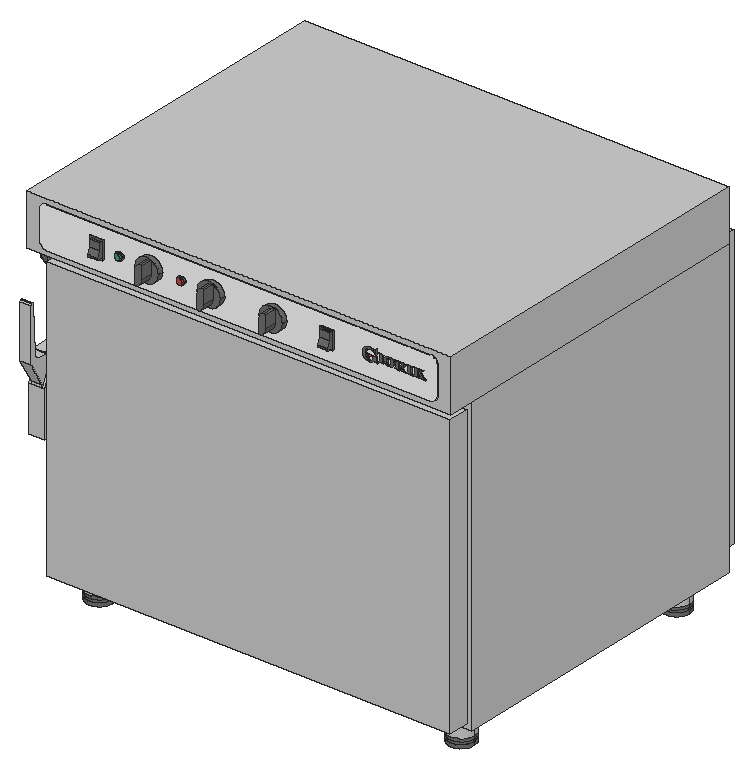
Revit family "QF_GIORIK_GR0511M_GR0511L_GR0511E_GR0511P", category Specialty Equipment, Revit 2014 (continued)
Automatic sketch dimensions
  Extrusion 8 sketch curve to Extrusion 8 sketch curve = 1.392 mm
  Extrusion 8 sketch curve to Extrusion 8 sketch curve = 1.974 mm
  Extrusion 8 sketch curve to Extrusion 8 sketch curve = 1.347 mm
  Extrusion 8 sketch curve to Extrusion 8 sketch curve = 1.469 mm
  Extrusion 8 sketch curve to Extrusion 8 sketch curve = 4.081 mm
  Extrusion 8 sketch curve to Extrusion 8 sketch curve = 3.564 mm
  Extrusion 8 sketch curve to Extrusion 8 sketch curve = 3.242 mm
  Extrusion 8 sketch curve to Extrusion 8 sketch curve = 0.899 mm
  Extrusion 8 sketch curve to Extrusion 8 sketch curve = 1.294 mm
  Extrusion 8 sketch curve to Extrusion 8 sketch curve = 15.009 mm
  Extrusion 8 sketch curve to Extrusion 8 sketch curve = 2.344 mm  (x8)
  Extrusion 8 sketch curve to Extrusion 8 sketch curve = 1 mm
  Extrusion 8 sketch curve to Extrusion 8 sketch curve = 1.461 mm
  Extrusion 8 sketch curve to Extrusion 8 sketch curve = 1.786 mm
  Extrusion 8 sketch curve to Extrusion 8 sketch curve = 1.919 mm
  Extrusion 8 sketch curve to Extrusion 8 sketch curve = 2.046 mm
  Extrusion 8 sketch curve to Extrusion 8 sketch curve = 1.137 mm
  Extrusion 8 sketch curve to Extrusion 8 sketch curve = 3.153 mm
  Extrusion 8 sketch curve to Extrusion 8 sketch curve = 3.783 mm
  Extrusion 8 sketch curve to Extrusion 8 sketch curve = 1.816 mm  (x2)
  Extrusion 8 sketch curve to Extrusion 8 sketch curve = 1.67 mm
  Extrusion 8 sketch curve to Extrusion 8 sketch curve = 3.513 mm
  Extrusion 8 sketch curve to Extrusion 8 sketch curve = 2.539 mm
  Extrusion 8 sketch curve to Extrusion 8 sketch curve = 4.042 mm
  Extrusion 8 sketch curve to Extrusion 8 sketch curve = 0.806 mm
  Extrusion 8 sketch curve to Extrusion 8 sketch curve = 0.873 mm
  Extrusion 8 sketch curve to Extrusion 8 sketch curve = 4.868 mm
  Extrusion 8 sketch curve to Extrusion 8 sketch curve = 2.243 mm
  Extrusion 8 sketch curve to Extrusion 8 sketch curve = 0.326 mm
  Extrusion 8 sketch curve to Extrusion 8 sketch curve = 2.593 mm  (x3)
  Extrusion 8 sketch curve to Extrusion 8 sketch curve = 1.506 mm
  Extrusion 8 sketch curve to Extrusion 8 sketch curve = 1.887 mm
  Extrusion 8 sketch curve to Extrusion 8 sketch curve = 1.99 mm
  Extrusion 8 sketch curve to Extrusion 8 sketch curve = 2.691 mm
  Extrusion 8 sketch curve to Extrusion 8 sketch curve = 3.345 mm
  Extrusion 8 sketch curve to Extrusion 8 sketch curve = 0.743 mm
  Extrusion 8 sketch curve to Extrusion 8 sketch curve = 3.185 mm
  Extrusion 8 sketch curve to Extrusion 8 sketch curve = 4.912 mm  (x2)
  Extrusion 8 sketch curve to Extrusion 8 sketch curve = 2.294 mm
  Extrusion 8 sketch curve to Extrusion 8 sketch curve = 3.131 mm
  Extrusion 8 sketch curve to Extrusion 8 sketch curve = 0.143 mm
  Extrusion 8 sketch curve to Extrusion 8 sketch curve = 1.861 mm
  Extrusion 8 sketch curve to Extrusion 8 sketch curve = 2.054 mm
  Extrusion 8 sketch curve to Extrusion 8 sketch curve = 1.787 mm
  Extrusion 9 sketch curve to plane 6 "Top" = 50.131 mm
  plane 4 "Right" to Extrusion 9 sketch curve = 150.095 mm
  Extrusion 9 sketch curve to plane 6 "Top" = 55.131 mm
  Extrusion 9 sketch curve to Extrusion 9 sketch curve = 6 mm  (x2)
  plane 3 "Left" to Extrusion 10 sketch curve = 60 mm
  plane 1 "Back" to Extrusion 10 sketch curve = 125 mm
  plane 3 "Left" to Extrusion 11 sketch curve = 60 mm
  plane 1 "Back" to Extrusion 11 sketch curve = 125 mm
  plane 3 "Left" to Extrusion 12 sketch curve = 60 mm
  plane 1 "Back" to Extrusion 12 sketch curve = 125 mm
  plane 3 "Left" to Extrusion 13 sketch curve = 60 mm
  plane 1 "Back" to Extrusion 13 sketch curve = 125 mm
  plane 3 "Left" to Extrusion 14 sketch curve = 60 mm
  plane 8 "Front oven" to Extrusion 14 sketch curve = 51 mm
  plane 3 "Left" to Extrusion 15 sketch curve = 60 mm
  plane 8 "Front oven" to Extrusion 15 sketch curve = 51 mm
  plane 3 "Left" to Extrusion 16 sketch curve = 60 mm
  plane 8 "Front oven" to Extrusion 16 sketch curve = 51 mm
  plane 3 "Left" to Extrusion 17 sketch curve = 60 mm
  plane 8 "Front oven" to Extrusion 17 sketch curve = 51 mm
  plane 4 "Right" to Extrusion 18 sketch curve = 60 mm
  plane 1 "Back" to Extrusion 18 sketch curve = 125 mm
  plane 4 "Right" to Extrusion 19 sketch curve = 60 mm
  plane 1 "Back" to Extrusion 19 sketch curve = 125 mm
  plane 4 "Right" to Extrusion 20 sketch curve = 60 mm
  plane 1 "Back" to Extrusion 20 sketch curve = 125 mm
  plane 4 "Right" to Extrusion 21 sketch curve = 60 mm
  plane 1 "Back" to Extrusion 21 sketch curve = 125 mm
  plane 4 "Right" to Extrusion 22 sketch curve = 60 mm
  plane 8 "Front oven" to Extrusion 22 sketch curve = 51 mm
  plane 4 "Right" to Extrusion 23 sketch curve = 60 mm
  plane 8 "Front oven" to Extrusion 23 sketch curve = 51 mm
  plane 4 "Right" to Extrusion 24 sketch curve = 60 mm
  plane 8 "Front oven" to Extrusion 24 sketch curve = 51 mm
  plane 4 "Right" to Extrusion 25 sketch curve = 60 mm
  plane 8 "Front oven" to Extrusion 25 sketch curve = 51 mm
  Extrusion 26 sketch curve to plane 7 "Legs height" = 0 mm
  plane 3 "Left" to Extrusion 26 sketch curve = 50 mm
  plane 4 "Right" to Extrusion 26 sketch curve = 50 mm
  Extrusion 26 sketch curve to plane 6 "Top" = 125 mm
  Extrusion 27 sketch curve to plane 3 "Left" = 0 mm
  plane 4 "Right" to Extrusion 27 sketch curve = 0 mm
  Extrusion 27 sketch curve to plane 6 "Top" = 0 mm
  Extrusion 27 sketch curve to Extrusion 27 sketch curve = 100 mm
  Extrusion 28 sketch curve to plane 5 "Front" = 2.5 mm
  plane 5 "Front" to Extrusion 28 sketch curve = 10.5 mm
  Extrusion 28 sketch curve to plane 8 "Front oven" = 12.5 mm
  plane 7 "Legs height" to Extrusion 28 sketch curve = 247 mm
  Extrusion 28 sketch curve to Extrusion 28 sketch curve = 5 mm
  Extrusion 28 sketch curve to Extrusion 28 sketch curve = 88 mm
  Extrusion 28 sketch curve to Extrusion 28 sketch curve = 26.5 mm
  Extrusion 28 sketch curve to Extrusion 28 sketch curve = 29 mm
  Extrusion 28 sketch curve to Extrusion 28 sketch curve = 1.5 mm
  Extrusion 29 sketch curve to plane 5 "Front" = 30 mm
  Extrusion 29 sketch curve to Extrusion 29 sketch curve = 2.5 mm  (x3)
  Extrusion 29 sketch curve to Extrusion 29 sketch curve = 11.414 mm
  Extrusion 29 sketch curve to plane 5 "Front" = 9.655 mm
  Extrusion 29 sketch curve to plane 5 "Front" = 8.61 mm
  Extrusion 29 sketch curve to plane 5 "Front" = 2.5 mm
  plane 5 "Front" to Extrusion 29 sketch curve = 10.5 mm
  Extrusion 29 sketch curve to plane 6 "Top" = 330 mm
  Extrusion 29 sketch curve to Extrusion 29 sketch curve = 4.31 mm
  Extrusion 29 sketch curve to Extrusion 29 sketch curve = 22.19 mm
  Extrusion 29 sketch curve to Extrusion 29 sketch curve = 25.58 mm
  Extrusion 29 sketch curve to Extrusion 29 sketch curve = 26.716 mm
  Extrusion 29 sketch curve to Extrusion 29 sketch curve = 2.117 mm
  Extrusion 29 sketch curve to Extrusion 29 sketch curve = 9.247 mm
  Extrusion 29 sketch curve to Extrusion 29 sketch curve = 89.129 mm
  Extrusion 30 sketch curve to plane 8 "Front oven" = 0 mm
  Extrusion 30 sketch curve to plane 8 "Front oven" = 2.8 mm
  Extrusion 30 sketch curve to Extrusion 30 sketch curve = 2.8 mm
  Extrusion 30 sketch curve to plane 8 "Front oven" = 5.3 mm
  Extrusion 30 sketch curve to Extrusion 30 sketch curve = 2.5 mm  (x3)
  Extrusion 30 sketch curve to Extrusion 30 sketch curve = 2.164 mm  (x2)
  Extrusion 30 sketch curve to Extrusion 30 sketch curve = 5.036 mm
  plane 7 "Legs height" to Extrusion 30 sketch curve = 246.3 mm
  Extrusion 30 sketch curve to Extrusion 30 sketch curve = 12.316 mm
  Extrusion 30 sketch curve to Extrusion 30 sketch curve = 0.683 mm  (x2)
  Extrusion 30 sketch curve to Extrusion 30 sketch curve = 12.047 mm
  Extrusion 30 sketch curve to Extrusion 30 sketch curve = 22.316 mm
  Extrusion 31 sketch curve to plane 6 "Top" = 43.954 mm
  plane 3 "Left" to Extrusion 31 sketch curve = 247.204 mm
  Extrusion 31 sketch curve to Extrusion 31 sketch curve = 0.004 mm
  Extrusion 31 sketch curve to Extrusion 31 sketch curve = 6.312 mm  (x2)
  Extrusion 31 sketch curve to Extrusion 31 sketch curve = 1.783 mm
  Extrusion 31 sketch curve to Extrusion 31 sketch curve = 8.091 mm
  Extrusion 31 sketch curve to Extrusion 31 sketch curve = 2.709 mm  (x2)
  Extrusion 31 sketch curve to Extrusion 31 sketch curve = 6.281 mm
  Extrusion 31 sketch curve to Extrusion 31 sketch curve = 13.077 mm  (x2)
  Extrusion 32 sketch curve to plane 6 "Top" = 49.804 mm
  plane 3 "Left" to Extrusion 32 sketch curve = 240 mm
  Extrusion 33 sketch curve to plane 6 "Top" = 43.954 mm
  plane 3 "Left" to Extrusion 33 sketch curve = 367.204 mm
  Extrusion 33 sketch curve to Extrusion 33 sketch curve = 0.004 mm
  Extrusion 33 sketch curve to Extrusion 33 sketch curve = 6.312 mm  (x2)
  Extrusion 33 sketch curve to Extrusion 33 sketch curve = 1.783 mm
  Extrusion 33 sketch curve to Extrusion 33 sketch curve = 8.091 mm
  Extrusion 33 sketch curve to Extrusion 33 sketch curve = 2.709 mm  (x2)
  Extrusion 33 sketch curve to Extrusion 33 sketch curve = 6.281 mm
  Extrusion 33 sketch curve to Extrusion 33 sketch curve = 13.077 mm  (x2)
  Extrusion 34 sketch curve to plane 6 "Top" = 49.804 mm
  plane 3 "Left" to Extrusion 34 sketch curve = 360 mm
  Extrusion 35 sketch curve to plane 6 "Top" = 50 mm
  plane 3 "Left" to Extrusion 35 sketch curve = 180 mm
  Extrusion 36 sketch curve to plane 6 "Top" = 50 mm
  plane 3 "Left" to Extrusion 36 sketch curve = 300 mm
  Extrusion 37 sketch curve to plane 6 "Top" = 50 mm
  plane 3 "Left" to Extrusion 37 sketch curve = 300 mm
  Extrusion 38 sketch curve to plane 6 "Top" = 67.5 mm
  plane 3 "Left" to Extrusion 38 sketch curve = 150 mm
  Extrusion 38 sketch curve to Extrusion 38 sketch curve = 25 mm
  Extrusion 38 sketch curve to plane 6 "Top" = 32.5 mm
  Extrusion 39 sketch curve to plane 5 "Front" = 12.435 mm
  Extrusion 39 sketch curve to Extrusion 39 sketch curve = 1.813 mm
  Extrusion 39 sketch curve to plane 5 "Front" = 7 mm
  Extrusion 39 sketch curve to plane 5 "Front" = 3 mm
  Extrusion 39 sketch curve to plane 6 "Top" = 64.5 mm
  Extrusion 39 sketch curve to Extrusion 39 sketch curve = 2 mm
  Extrusion 39 sketch curve to Extrusion 39 sketch curve = 11.655 mm
  Extrusion 39 sketch curve to Extrusion 39 sketch curve = 14.5 mm
  plane 1 "Back" to Extrusion 40 sketch curve = 72.75 mm
  Extrusion 40 sketch curve to Extrusion 40 sketch curve = 7.874 mm  (x3)
  Extrusion 40 sketch curve to Extrusion 40 sketch curve = 2.002 mm  (x4)
  Extrusion 40 sketch curve to Extrusion 40 sketch curve = 15.748 mm  (x2)
  plane 7 "Legs height" to Extrusion 40 sketch curve = 208.05 mm
  Extrusion 40 sketch curve to Extrusion 40 sketch curve = 1.156 mm  (x3)
  Extrusion 40 sketch curve to Extrusion 40 sketch curve = 13.638 mm  (x4)
  Extrusion 40 sketch curve to Extrusion 40 sketch curve = 2.312 mm  (x2)
  plane 1 "Back" to Extrusion 41 sketch curve = 72.75 mm
  Extrusion 41 sketch curve to Extrusion 41 sketch curve = 7.874 mm  (x3)
  Extrusion 41 sketch curve to Extrusion 41 sketch curve = 2.002 mm  (x4)
  Extrusion 41 sketch curve to Extrusion 41 sketch curve = 15.748 mm  (x2)
  plane 7 "Legs height" to Extrusion 41 sketch curve = 208.05 mm
  Extrusion 41 sketch curve to Extrusion 41 sketch curve = 1.156 mm  (x3)
  Extrusion 41 sketch curve to Extrusion 41 sketch curve = 13.638 mm  (x4)
  Extrusion 41 sketch curve to Extrusion 41 sketch curve = 2.312 mm  (x2)
  plane 1 "Back" to Extrusion 42 sketch curve = 72.75 mm
  Extrusion 42 sketch curve to Extrusion 42 sketch curve = 7.874 mm  (x3)
  Extrusion 42 sketch curve to Extrusion 42 sketch curve = 2.002 mm  (x4)
  Extrusion 42 sketch curve to Extrusion 42 sketch curve = 15.748 mm  (x2)
  plane 7 "Legs height" to Extrusion 42 sketch curve = 208.05 mm
  Extrusion 42 sketch curve to Extrusion 42 sketch curve = 1.156 mm  (x3)
  Extrusion 42 sketch curve to Extrusion 42 sketch curve = 13.638 mm  (x4)
  Extrusion 42 sketch curve to Extrusion 42 sketch curve = 2.312 mm  (x2)
  Revolve 43 sketch curve to plane 8 "Front oven" = 0 mm  (x2)
  Revolve 43 sketch curve to plane 8 "Front oven" = 10.71 mm
  Revolve 43 sketch curve to Revolve 43 sketch curve = 0.186 mm
  Revolve 43 sketch curve to Revolve 43 sketch curve = 0.742 mm
  Revolve 43 sketch curve to Revolve 43 sketch curve = 3.081 mm
  Revolve 43 sketch curve to Revolve 43 sketch curve = 0.935 mm
  Revolve 43 sketch curve to Revolve 43 sketch curve = 8.362 mm
  plane 8 "Front oven" to Revolve 43 sketch curve = 46.511 mm
  Revolve 43 sketch curve to plane 6 "Top" = 125.457 mm
  Revolve 43 sketch curve to Revolve 43 sketch curve = 4.746 mm
  Revolve 43 sketch curve to Revolve 43 sketch curve = 8.097 mm
  Revolve 43 sketch curve to Revolve 43 sketch curve = 1.816 mm
  Revolve 43 sketch curve to Revolve 43 sketch curve = 0.564 mm
  Revolve 43 sketch curve to Revolve 43 sketch curve = 6.145 mm
  Revolve 43 sketch curve to Revolve 43 sketch curve = 0.19 mm
  Revolve 43 sketch curve to Revolve 43 sketch curve = 0 mm  (x2)
  Extrusion 44 sketch curve to plane 6 "Top" = 43.954 mm
  plane 4 "Right" to Extrusion 44 sketch curve = 332.796 mm
  Extrusion 44 sketch curve to Extrusion 44 sketch curve = 0.004 mm
  Extrusion 44 sketch curve to Extrusion 44 sketch curve = 6.312 mm  (x2)
  Extrusion 44 sketch curve to Extrusion 44 sketch curve = 1.783 mm
  Extrusion 44 sketch curve to Extrusion 44 sketch curve = 8.091 mm
  Extrusion 44 sketch curve to Extrusion 44 sketch curve = 2.709 mm  (x2)
  Extrusion 44 sketch curve to Extrusion 44 sketch curve = 6.281 mm
  Extrusion 44 sketch curve to Extrusion 44 sketch curve = 13.077 mm  (x2)
  Extrusion 45 sketch curve to plane 6 "Top" = 49.804 mm
  plane 4 "Right" to Extrusion 45 sketch curve = 340 mm
  plane 6 "Top" to Extrusion 46 sketch curve = 67.5 mm
  Extrusion 46 sketch curve to plane 4 "Right" = 250 mm
  Extrusion 46 sketch curve to Extrusion 46 sketch curve = 25 mm
  plane 6 "Top" to Extrusion 46 sketch curve = 32.5 mm
  Extrusion 47 sketch curve to plane 5 "Front" = 12.435 mm
  Extrusion 47 sketch curve to Extrusion 47 sketch curve = 1.813 mm
  Extrusion 47 sketch curve to plane 5 "Front" = 7 mm
  Extrusion 47 sketch curve to plane 5 "Front" = 3 mm
  Extrusion 47 sketch curve to plane 6 "Top" = 35.5 mm
  Extrusion 47 sketch curve to Extrusion 47 sketch curve = 14.5 mm
  Extrusion 47 sketch curve to Extrusion 47 sketch curve = 11.655 mm
  Extrusion 47 sketch curve to Extrusion 47 sketch curve = 0.845 mm
  plane 8 "Front oven" to Sweep 48 sketch curve = 225.46 mm
  plane 1 "Back" to Sweep 48 sketch curve = 10 mm
  plane 4 "Right" to Sweep 48 sketch curve = 175 mm
  plane 4 "Right" to Sweep 48 sketch curve = 380.045 mm
  Sweep 48 sketch curve to profile plane = 0 mm
  Sweep 48 sketch curve to plane 7 "Legs height" = 14 mm
  Sweep 49 sketch curve to plane 7 "Legs height" = 9.526 mm
  plane 7 "Legs height" to Sweep 49 sketch curve = 0.474 mm
  Sweep 49 sketch curve to Sweep 49 sketch curve = 10 mm
  Sweep 49 sketch curve to Sweep 49 sketch curve = 4 mm
  profile plane to Sweep 49 sketch curve = 4.474 mm
  profile plane to Sweep 49 sketch curve = 390 mm
  plane 8 "Front oven" to Sweep 50 sketch curve = 217.023 mm
  plane 4 "Right" to Sweep 50 sketch curve = 371.6 mm
  Sweep 50 sketch curve to Sweep 50 sketch curve = 27.406 mm
  Sweep 50 sketch curve to Sweep 50 sketch curve = 12.202 mm
  Sweep 50 sketch curve to profile plane = 0 mm
  Sweep 50 sketch curve to plane 7 "Legs height" = 14 mm
  plane 1 "Back" to Sweep 51 sketch curve = 79.938 mm
  Sweep 51 sketch curve to plane 6 "Top" = 55.782 mm
  Sweep 51 sketch curve to Sweep 51 sketch curve = 19.754 mm
  Sweep 51 sketch curve to Sweep 51 sketch curve = 3.129 mm
  Sweep 51 sketch curve to profile plane = 0 mm
  plane 3 "Left" to Sweep 51 sketch curve = 160 mm
  Extrusion 52 sketch curve to Extrusion 52 sketch curve = 0 mm  (x22)
  Extrusion 52 sketch curve to plane 6 "Top" = 44.5 mm
  plane 3 "Left" to Extrusion 52 sketch curve = 305 mm
  Extrusion 52 sketch curve to Extrusion 52 sketch curve = 2 mm  (x34)
  Extrusion 52 sketch curve to Extrusion 52 sketch curve = 1.474 mm
  Extrusion 52 sketch curve to Extrusion 52 sketch curve = 2.248 mm
  Extrusion 52 sketch curve to Extrusion 52 sketch curve = 2.335 mm  (x2)
  Extrusion 52 sketch curve to Extrusion 52 sketch curve = 1.658 mm  (x2)
  Extrusion 52 sketch curve to Extrusion 52 sketch curve = 2.455 mm
  Extrusion 52 sketch curve to Extrusion 52 sketch curve = 1.267 mm
  Extrusion 52 sketch curve to Extrusion 52 sketch curve = 2.654 mm
  Extrusion 52 sketch curve to plane 6 "Top" = 37.855 mm
  Extrusion 52 sketch curve to Extrusion 52 sketch curve = 2.67 mm
  Extrusion 52 sketch curve to plane 6 "Top" = 36.636 mm
  Extrusion 52 sketch curve to Extrusion 52 sketch curve = 1.218 mm
  Extrusion 52 sketch curve to Extrusion 52 sketch curve = 9.006 mm
  Extrusion 52 sketch curve to plane 6 "Top" = 41.986 mm
  Extrusion 52 sketch curve to Extrusion 52 sketch curve = 4.131 mm
  Extrusion 52 sketch curve to Extrusion 52 sketch curve = 0.927 mm
  Extrusion 52 sketch curve to Extrusion 52 sketch curve = 0.609 mm  (x2)
  Extrusion 52 sketch curve to plane 6 "Top" = 40.768 mm
  Extrusion 52 sketch curve to Extrusion 52 sketch curve = 2.659 mm  (x2)
  Extrusion 52 sketch curve to Extrusion 52 sketch curve = 6.643 mm
  Extrusion 52 sketch curve to Extrusion 52 sketch curve = 2.025 mm
  Extrusion 52 sketch curve to Extrusion 52 sketch curve = 18 mm  (x8)
  Extrusion 52 sketch curve to Extrusion 52 sketch curve = 2.349 mm
  Extrusion 52 sketch curve to Extrusion 52 sketch curve = 0.444 mm  (x2)
  Extrusion 52 sketch curve to plane 6 "Top" = 67.155 mm
  Extrusion 52 sketch curve to Extrusion 52 sketch curve = 2.311 mm
  Extrusion 52 sketch curve to Extrusion 52 sketch curve = 5.8 mm  (x2)
  Extrusion 52 sketch curve to plane 6 "Top" = 73.749 mm
  Extrusion 52 sketch curve to Extrusion 52 sketch curve = 1.282 mm
  Extrusion 52 sketch curve to Extrusion 52 sketch curve = 1.5 mm  (x4)
  Extrusion 52 sketch curve to Extrusion 52 sketch curve = 1.2 mm  (x2)
  Extrusion 52 sketch curve to plane 6 "Top" = 71.356 mm
  Extrusion 52 sketch curve to Extrusion 52 sketch curve = 1.035 mm  (x2)
  Extrusion 52 sketch curve to plane 6 "Top" = 72.138 mm
  Extrusion 52 sketch curve to Extrusion 52 sketch curve = 0.152 mm
  Extrusion 52 sketch curve to Extrusion 52 sketch curve = 0.177 mm
  Extrusion 52 sketch curve to Extrusion 52 sketch curve = 0.136 mm
  Extrusion 52 sketch curve to Extrusion 52 sketch curve = 2.103 mm
  Extrusion 52 sketch curve to plane 6 "Top" = 69.363 mm
  Extrusion 52 sketch curve to Extrusion 52 sketch curve = 0.174 mm
  Extrusion 52 sketch curve to plane 6 "Top" = 67.882 mm
  Extrusion 52 sketch curve to Extrusion 52 sketch curve = 0.195 mm
  Extrusion 52 sketch curve to Extrusion 52 sketch curve = 3.349 mm
  Extrusion 52 sketch curve to Extrusion 52 sketch curve = 1.151 mm
  Extrusion 52 sketch curve to Extrusion 52 sketch curve = 1.614 mm
  Extrusion 52 sketch curve to Extrusion 52 sketch curve = 5.293 mm
  Extrusion 52 sketch curve to Extrusion 52 sketch curve = 7 mm  (x3)
  Extrusion 52 sketch curve to plane 6 "Top" = 67.679 mm
  Extrusion 52 sketch curve to Extrusion 52 sketch curve = 3.443 mm
  Extrusion 52 sketch curve to plane 6 "Top" = 38.133 mm  (x2)
  Extrusion 52 sketch curve to Extrusion 52 sketch curve = 3.462 mm  (x2)
  Extrusion 52 sketch curve to plane 6 "Top" = 67.044 mm
  Extrusion 52 sketch curve to Extrusion 52 sketch curve = 0.552 mm
  Extrusion 52 sketch curve to plane 6 "Top" = 70.886 mm
  Extrusion 52 sketch curve to Extrusion 52 sketch curve = 1.681 mm
  Extrusion 52 sketch curve to plane 6 "Top" = 71.607 mm
  Extrusion 52 sketch curve to Extrusion 52 sketch curve = 0.433 mm
  Extrusion 52 sketch curve to plane 6 "Top" = 70.753 mm
  Extrusion 52 sketch curve to Extrusion 52 sketch curve = 0.689 mm
  Extrusion 52 sketch curve to Extrusion 52 sketch curve = 3.538 mm
  Extrusion 52 sketch curve to plane 6 "Top" = 31.429 mm
  Extrusion 52 sketch curve to plane 6 "Top" = 69.717 mm
  Extrusion 52 sketch curve to plane 6 "Top" = 70.297 mm
  Extrusion 52 sketch curve to Extrusion 52 sketch curve = 0.737 mm
  Extrusion 52 sketch curve to plane 6 "Top" = 71.549 mm
  Extrusion 52 sketch curve to Extrusion 52 sketch curve = 0.916 mm
  Extrusion 52 sketch curve to plane 6 "Top" = 68.041 mm
  Extrusion 52 sketch curve to Extrusion 52 sketch curve = 2.121 mm
  Extrusion 52 sketch curve to Extrusion 52 sketch curve = 4.142 mm
  Extrusion 52 sketch curve to Extrusion 52 sketch curve = 6.106 mm
  Extrusion 52 sketch curve to Extrusion 52 sketch curve = 16 mm  (x2)
  Extrusion 52 sketch curve to Extrusion 52 sketch curve = 3 mm  (x5)
  Extrusion 52 sketch curve to Extrusion 52 sketch curve = 4 mm  (x2)
  Extrusion 52 sketch curve to Extrusion 52 sketch curve = 6 mm  (x4)
  Extrusion 52 sketch curve to Extrusion 52 sketch curve = 2.25 mm  (x4)
  Extrusion 52 sketch curve to Extrusion 52 sketch curve = 6.25 mm  (x5)
  Extrusion 52 sketch curve to Extrusion 52 sketch curve = 26 mm
  Extrusion 52 sketch curve to Extrusion 52 sketch curve = 11 mm
  Extrusion 52 sketch curve to Extrusion 52 sketch curve = 4.5 mm  (x3)
  Extrusion 52 sketch curve to Extrusion 52 sketch curve = 9 mm
  Extrusion 52 sketch curve to Extrusion 52 sketch curve = 5 mm
  Extrusion 52 sketch curve to Extrusion 52 sketch curve = 1.1 mm
  Extrusion 52 sketch curve to Extrusion 52 sketch curve = 2.028 mm
  Extrusion 52 sketch curve to Extrusion 52 sketch curve = 2.46 mm  (x2)
  Extrusion 52 sketch curve to plane 6 "Top" = 69.626 mm
  Extrusion 52 sketch curve to Extrusion 52 sketch curve = 1.568 mm
  Extrusion 52 sketch curve to plane 6 "Top" = 64.8 mm
  Extrusion 52 sketch curve to Extrusion 52 sketch curve = 3.722 mm
  Extrusion 52 sketch curve to plane 6 "Top" = 65.707 mm
  Extrusion 52 sketch curve to Extrusion 52 sketch curve = 0.691 mm  (x2)
  Extrusion 52 sketch curve to Extrusion 52 sketch curve = 1.981 mm
  Extrusion 52 sketch curve to plane 6 "Top" = 67.766 mm
  Extrusion 52 sketch curve to Extrusion 52 sketch curve = 3.032 mm
  Extrusion 52 sketch curve to Extrusion 52 sketch curve = 5.967 mm
  Extrusion 52 sketch curve to Extrusion 52 sketch curve = 1.58 mm
  Extrusion 52 sketch curve to plane 6 "Top" = 73.635 mm
  Extrusion 52 sketch curve to Extrusion 52 sketch curve = 0.39 mm
  Extrusion 52 sketch curve to Extrusion 52 sketch curve = 1.354 mm
  Extrusion 52 sketch curve to Extrusion 52 sketch curve = 11.54 mm  (x2)
  Extrusion 52 sketch curve to Extrusion 52 sketch curve = 1.14 mm
  Extrusion 52 sketch curve to Extrusion 52 sketch curve = 1.208 mm
  Extrusion 52 sketch curve to Extrusion 52 sketch curve = 3.657 mm
  Extrusion 52 sketch curve to Extrusion 52 sketch curve = 1 mm  (x8)
  Extrusion 52 sketch curve to Extrusion 52 sketch curve = 0.5 mm  (x8)
  Extrusion 52 sketch curve to Extrusion 52 sketch curve = 1.176 mm
  Extrusion 52 sketch curve to Extrusion 52 sketch curve = 0.846 mm
  Extrusion 52 sketch curve to Extrusion 52 sketch curve = 5.487 mm  (x2)
  Extrusion 52 sketch curve to Extrusion 52 sketch curve = 0.513 mm  (x2)
  Extrusion 52 sketch curve to Extrusion 52 sketch curve = 6.953 mm
  Extrusion 52 sketch curve to Extrusion 52 sketch curve = 2.807 mm
  Extrusion 52 sketch curve to Extrusion 52 sketch curve = 2.849 mm
  Extrusion 52 sketch curve to Extrusion 52 sketch curve = 2.022 mm
  Extrusion 52 sketch curve to Extrusion 52 sketch curve = 2.064 mm
  Extrusion 52 sketch curve to Extrusion 52 sketch curve = 27.956 mm
  Extrusion 52 sketch curve to Extrusion 52 sketch curve = 5.218 mm
  Extrusion 52 sketch curve to Extrusion 52 sketch curve = 2.003 mm
  Extrusion 52 sketch curve to Extrusion 52 sketch curve = 2.865 mm
  Extrusion 52 sketch curve to Extrusion 52 sketch curve = 2.156 mm
  Extrusion 52 sketch curve to Extrusion 52 sketch curve = 2.544 mm  (x2)
  Extrusion 52 sketch curve to Extrusion 52 sketch curve = 5.393 mm
  Extrusion 52 sketch curve to Extrusion 52 sketch curve = 3.365 mm
  Extrusion 52 sketch curve to Extrusion 52 sketch curve = 3.251 mm
  Extrusion 52 sketch curve to Extrusion 52 sketch curve = 49.625 mm
  Extrusion 52 sketch curve to Extrusion 52 sketch curve = 0.7 mm
  Extrusion 52 sketch curve to Extrusion 52 sketch curve = 1.584 mm
  Extrusion 52 sketch curve to Extrusion 52 sketch curve = 2.649 mm  (x2)
  Extrusion 52 sketch curve to Extrusion 52 sketch curve = 1.063 mm
  Extrusion 52 sketch curve to Extrusion 52 sketch curve = 1.13 mm
  Extrusion 52 sketch curve to Extrusion 52 sketch curve = 0.283 mm
  Extrusion 52 sketch curve to Extrusion 52 sketch curve = 6.5 mm
  Extrusion 52 sketch curve to Extrusion 52 sketch curve = 2.302 mm
  Extrusion 52 sketch curve to Extrusion 52 sketch curve = 1.093 mm
  Extrusion 52 sketch curve to Extrusion 52 sketch curve = 1.391 mm
  Extrusion 52 sketch curve to Extrusion 52 sketch curve = 0.396 mm
  Extrusion 52 sketch curve to Extrusion 52 sketch curve = 0.255 mm
  Extrusion 52 sketch curve to Extrusion 52 sketch curve = 0.727 mm
  Extrusion 52 sketch curve to Extrusion 52 sketch curve = 2.242 mm
  Extrusion 52 sketch curve to Extrusion 52 sketch curve = 4.385 mm
  Extrusion 52 sketch curve to Extrusion 52 sketch curve = 1.021 mm
  Extrusion 52 sketch curve to Extrusion 52 sketch curve = 0.594 mm
  Extrusion 52 sketch curve to Extrusion 52 sketch curve = 1.094 mm
  Extrusion 52 sketch curve to Extrusion 52 sketch curve = 5.041 mm
  Extrusion 52 sketch curve to Extrusion 52 sketch curve = 4.746 mm
  Extrusion 52 sketch curve to Extrusion 52 sketch curve = 2.496 mm
  Extrusion 52 sketch curve to Extrusion 52 sketch curve = 13.798 mm  (x2)
  Extrusion 52 sketch curve to Extrusion 52 sketch curve = 8.367 mm
  Extrusion 52 sketch curve to Extrusion 52 sketch curve = 14.5 mm  (x3)
  Extrusion 52 sketch curve to Extrusion 52 sketch curve = 2.702 mm  (x3)
  Extrusion 52 sketch curve to Extrusion 52 sketch curve = 1.844 mm
  Extrusion 52 sketch curve to Extrusion 52 sketch curve = 2.5 mm  (x2)
  Extrusion 52 sketch curve to Extrusion 52 sketch curve = 1.254 mm  (x2)
  Extrusion 52 sketch curve to Extrusion 52 sketch curve = 1.867 mm
  Extrusion 52 sketch curve to Extrusion 52 sketch curve = 2.193 mm
  Extrusion 52 sketch curve to Extrusion 52 sketch curve = 2.344 mm
  Extrusion 52 sketch curve to Extrusion 52 sketch curve = 1.147 mm
  Extrusion 52 sketch curve to Extrusion 52 sketch curve = 3.002 mm
  Extrusion 52 sketch curve to Extrusion 52 sketch curve = 2.944 mm
  Extrusion 52 sketch curve to Extrusion 52 sketch curve = 5.807 mm
  Extrusion 52 sketch curve to Extrusion 52 sketch curve = 2.114 mm
  Extrusion 52 sketch curve to Extrusion 52 sketch curve = 11.5 mm  (x2)
  Extrusion 52 sketch curve to Extrusion 52 sketch curve = 6.136 mm
  Extrusion 52 sketch curve to Extrusion 52 sketch curve = 14 mm
  Extrusion 52 sketch curve to Extrusion 52 sketch curve = 0.929 mm
  plane 6 "Top" to Extrusion 52 sketch curve = 53.625 mm
  plane 6 "Top" to Extrusion 53 sketch curve = 67.5 mm
  Extrusion 53 sketch curve to plane 3 "Left" = 355 mm
  Extrusion 53 sketch curve to Extrusion 53 sketch curve = 25 mm
  plane 6 "Top" to Extrusion 53 sketch curve = 32.5 mm
  Extrusion 54 sketch curve to plane 5 "Front" = 12.435 mm
  Extrusion 54 sketch curve to Extrusion 54 sketch curve = 1.813 mm
  Extrusion 54 sketch curve to plane 5 "Front" = 7 mm
  Extrusion 54 sketch curve to plane 5 "Front" = 3 mm
  Extrusion 54 sketch curve to plane 6 "Top" = 35.5 mm
  Extrusion 54 sketch curve to Extrusion 54 sketch curve = 14.5 mm
  Extrusion 54 sketch curve to Extrusion 54 sketch curve = 11.655 mm
  Extrusion 54 sketch curve to Extrusion 54 sketch curve = 0.845 mm
  Extrusion 55 sketch curve to plane 6 "Top" = 25.5 mm  (x2)
  plane 3 "Left" to Extrusion 55 sketch curve = 286.5 mm
  Extrusion 55 sketch curve to Extrusion 55 sketch curve = 0 mm  (x5)
  Extrusion 55 sketch curve to Extrusion 55 sketch curve = 17 mm
  Extrusion 55 sketch curve to Extrusion 55 sketch curve = 36 mm  (x3)
  Extrusion 55 sketch curve to Extrusion 55 sketch curve = 19 mm
  Extrusion 55 sketch curve to Extrusion 55 sketch curve = 24.5 mm
  Extrusion 55 sketch curve to Extrusion 55 sketch curve = 40 mm
  Extrusion 55 sketch curve to Extrusion 55 sketch curve = 12.5 mm
  Extrusion 55 sketch curve to Extrusion 55 sketch curve = 31 mm
  Extrusion 55 sketch curve to plane 6 "Top" = 30.5 mm
  Extrusion 55 sketch curve to Extrusion 55 sketch curve = 5 mm  (x2)
  Extrusion 55 sketch curve to Extrusion 55 sketch curve = 14 mm
  Extrusion 55 sketch curve to Extrusion 55 sketch curve = 32.5 mm  (x2)
  Extrusion 55 sketch curve to Extrusion 55 sketch curve = 13.5 mm
  Extrusion 55 sketch curve to Extrusion 55 sketch curve = 22.5 mm
  Extrusion 55 sketch curve to Extrusion 55 sketch curve = 10 mm
  plane 6 "Top" to Extrusion 57 sketch curve = 67.5 mm
  Extrusion 57 sketch curve to plane 3 "Left" = 355 mm
  Extrusion 57 sketch curve to Extrusion 57 sketch curve = 25 mm
  Extrusion 57 sketch curve to Extrusion 57 sketch curve = 35 mm
  Extrusion 58 sketch curve to plane 5 "Front" = 12.435 mm
  Extrusion 58 sketch curve to Extrusion 58 sketch curve = 1.813 mm
  Extrusion 58 sketch curve to plane 5 "Front" = 7 mm
  Extrusion 58 sketch curve to plane 5 "Front" = 3 mm
  Extrusion 58 sketch curve to plane 6 "Top" = 35.5 mm
  Extrusion 58 sketch curve to Extrusion 58 sketch curve = 14.5 mm
  Extrusion 58 sketch curve to Extrusion 58 sketch curve = 11.655 mm
  Extrusion 58 sketch curve to Extrusion 58 sketch curve = 0.845 mm
  Extrusion 59 sketch curve to plane 6 "Top" = 25.5 mm
  plane 3 "Left" to Extrusion 59 sketch curve = 286.5 mm
  Extrusion 59 sketch curve to Extrusion 59 sketch curve = 0 mm  (x4)
  Extrusion 59 sketch curve to Extrusion 59 sketch curve = 17 mm
  Extrusion 59 sketch curve to Extrusion 59 sketch curve = 36 mm  (x2)
  Extrusion 59 sketch curve to Extrusion 59 sketch curve = 19 mm
  Extrusion 59 sketch curve to Extrusion 59 sketch curve = 24.5 mm
  Extrusion 59 sketch curve to Extrusion 59 sketch curve = 40 mm
  Extrusion 59 sketch curve to plane 6 "Top" = 30.5 mm
  Extrusion 59 sketch curve to Extrusion 59 sketch curve = 14 mm
  Extrusion 59 sketch curve to Extrusion 59 sketch curve = 32.5 mm  (x2)
  Extrusion 59 sketch curve to Extrusion 59 sketch curve = 13.5 mm  (x2)
  Extrusion 59 sketch curve to Extrusion 59 sketch curve = 5 mm
  Extrusion 56 sketch curve to Extrusion 56 sketch curve = 0 mm  (x11)
  Extrusion 56 sketch curve to plane 6 "Top" = 44.5 mm
  plane 3 "Left" to Extrusion 56 sketch curve = 305 mm
  Extrusion 56 sketch curve to Extrusion 56 sketch curve = 2 mm  (x25)
  Extrusion 56 sketch curve to Extrusion 56 sketch curve = 1.474 mm
  Extrusion 56 sketch curve to Extrusion 56 sketch curve = 2.248 mm
  Extrusion 56 sketch curve to Extrusion 56 sketch curve = 0.861 mm  (x2)
  Extrusion 56 sketch curve to Extrusion 56 sketch curve = 1.658 mm  (x2)
  Extrusion 56 sketch curve to Extrusion 56 sketch curve = 2.455 mm
  Extrusion 56 sketch curve to Extrusion 56 sketch curve = 1.267 mm
  Extrusion 56 sketch curve to Extrusion 56 sketch curve = 2.654 mm
  Extrusion 56 sketch curve to plane 6 "Top" = 37.855 mm
  Extrusion 56 sketch curve to Extrusion 56 sketch curve = 2.67 mm
  Extrusion 56 sketch curve to plane 6 "Top" = 36.636 mm
  Extrusion 56 sketch curve to Extrusion 56 sketch curve = 1.218 mm
  Extrusion 56 sketch curve to Extrusion 56 sketch curve = 9.006 mm
  Extrusion 56 sketch curve to plane 6 "Top" = 41.986 mm
  Extrusion 56 sketch curve to Extrusion 56 sketch curve = 4.131 mm
  Extrusion 56 sketch curve to Extrusion 56 sketch curve = 0.927 mm
  Extrusion 56 sketch curve to Extrusion 56 sketch curve = 0.609 mm  (x2)
  Extrusion 56 sketch curve to plane 6 "Top" = 40.768 mm
  Extrusion 56 sketch curve to Extrusion 56 sketch curve = 2.659 mm  (x2)
  Extrusion 56 sketch curve to Extrusion 56 sketch curve = 6.643 mm
  Extrusion 56 sketch curve to Extrusion 56 sketch curve = 2.025 mm
  Extrusion 56 sketch curve to Extrusion 56 sketch curve = 18 mm  (x6)
  Extrusion 56 sketch curve to Extrusion 56 sketch curve = 2.349 mm
  Extrusion 56 sketch curve to Extrusion 56 sketch curve = 0.444 mm  (x2)
  Extrusion 56 sketch curve to Extrusion 56 sketch curve = 2.311 mm
  Extrusion 56 sketch curve to Extrusion 56 sketch curve = 5.8 mm  (x2)
  Extrusion 56 sketch curve to Extrusion 56 sketch curve = 1.282 mm
  Extrusion 56 sketch curve to Extrusion 56 sketch curve = 1.5 mm  (x6)
  Extrusion 56 sketch curve to Extrusion 56 sketch curve = 1.2 mm  (x2)
  Extrusion 56 sketch curve to plane 6 "Top" = 71.356 mm
  Extrusion 56 sketch curve to Extrusion 56 sketch curve = 1.035 mm
  Extrusion 56 sketch curve to plane 6 "Top" = 72.138 mm
  Extrusion 56 sketch curve to Extrusion 56 sketch curve = 0.152 mm
  Extrusion 56 sketch curve to plane 6 "Top" = 73.049 mm
  Extrusion 56 sketch curve to Extrusion 56 sketch curve = 0.177 mm
  Extrusion 56 sketch curve to Extrusion 56 sketch curve = 0.136 mm
  Extrusion 56 sketch curve to plane 6 "Top" = 65.496 mm
  Extrusion 56 sketch curve to Extrusion 56 sketch curve = 2.103 mm
  Extrusion 56 sketch curve to plane 6 "Top" = 67.155 mm
  Extrusion 56 sketch curve to plane 6 "Top" = 69.363 mm
  Extrusion 56 sketch curve to Extrusion 56 sketch curve = 0.174 mm
  Extrusion 56 sketch curve to plane 6 "Top" = 67.882 mm
  Extrusion 56 sketch curve to Extrusion 56 sketch curve = 0.195 mm
  Extrusion 56 sketch curve to Extrusion 56 sketch curve = 3.349 mm
  Extrusion 56 sketch curve to Extrusion 56 sketch curve = 1.151 mm
  Extrusion 56 sketch curve to Extrusion 56 sketch curve = 1.614 mm
  Extrusion 56 sketch curve to Extrusion 56 sketch curve = 7 mm  (x3)
  Extrusion 56 sketch curve to Extrusion 56 sketch curve = 5.293 mm
  Extrusion 56 sketch curve to plane 6 "Top" = 67.679 mm
  Extrusion 56 sketch curve to Extrusion 56 sketch curve = 3.443 mm  (x2)
  Extrusion 56 sketch curve to plane 6 "Top" = 38.133 mm  (x2)
  Extrusion 56 sketch curve to Extrusion 56 sketch curve = 3.462 mm  (x2)
  Extrusion 56 sketch curve to plane 6 "Top" = 67.044 mm
  Extrusion 56 sketch curve to Extrusion 56 sketch curve = 0.552 mm
  Extrusion 56 sketch curve to plane 6 "Top" = 70.886 mm
  Extrusion 56 sketch curve to Extrusion 56 sketch curve = 1.681 mm
  Extrusion 56 sketch curve to plane 6 "Top" = 71.607 mm
  Extrusion 56 sketch curve to Extrusion 56 sketch curve = 0.433 mm
  Extrusion 56 sketch curve to plane 6 "Top" = 70.753 mm
  Extrusion 56 sketch curve to Extrusion 56 sketch curve = 0.689 mm
  Extrusion 56 sketch curve to Extrusion 56 sketch curve = 3.538 mm
  Extrusion 56 sketch curve to plane 6 "Top" = 31.429 mm
  Extrusion 56 sketch curve to plane 6 "Top" = 69.717 mm
  Extrusion 56 sketch curve to plane 6 "Top" = 70.297 mm
  Extrusion 56 sketch curve to Extrusion 56 sketch curve = 0.737 mm
  Extrusion 56 sketch curve to plane 6 "Top" = 71.549 mm
  Extrusion 56 sketch curve to Extrusion 56 sketch curve = 0.916 mm
  Extrusion 56 sketch curve to plane 6 "Top" = 68.041 mm
  Extrusion 56 sketch curve to Extrusion 56 sketch curve = 2.121 mm
  Extrusion 56 sketch curve to Extrusion 56 sketch curve = 6.106 mm
  Extrusion 56 sketch curve to Extrusion 56 sketch curve = 4.142 mm
  Extrusion 56 sketch curve to Extrusion 56 sketch curve = 16 mm
  Extrusion 56 sketch curve to Extrusion 56 sketch curve = 3 mm  (x5)
  Extrusion 56 sketch curve to Extrusion 56 sketch curve = 4 mm  (x2)
  Extrusion 56 sketch curve to Extrusion 56 sketch curve = 6 mm  (x4)
  Extrusion 56 sketch curve to Extrusion 56 sketch curve = 2.25 mm  (x4)
  Extrusion 56 sketch curve to Extrusion 56 sketch curve = 6.25 mm  (x5)
  Extrusion 56 sketch curve to Extrusion 56 sketch curve = 11 mm
  Extrusion 56 sketch curve to Extrusion 56 sketch curve = 26 mm
  Extrusion 56 sketch curve to Extrusion 56 sketch curve = 4.5 mm  (x3)
  Extrusion 56 sketch curve to Extrusion 56 sketch curve = 9 mm
  Extrusion 56 sketch curve to Extrusion 56 sketch curve = 5 mm
  Extrusion 56 sketch curve to Extrusion 56 sketch curve = 1 mm  (x6)
  Extrusion 56 sketch curve to Extrusion 56 sketch curve = 0.5 mm  (x7)
  Extrusion 56 sketch curve to Extrusion 56 sketch curve = 5.487 mm  (x2)
  Extrusion 56 sketch curve to Extrusion 56 sketch curve = 0.513 mm  (x2)
  Extrusion 56 sketch curve to Extrusion 56 sketch curve = 0.7 mm
  Extrusion 56 sketch curve to plane 6 "Top" = 74.456 mm
  Extrusion 56 sketch curve to plane 6 "Top" = 76.5 mm
  Extrusion 56 sketch curve to plane 6 "Top" = 77 mm
  Extrusion 56 sketch curve to Extrusion 56 sketch curve = 3.251 mm
  Extrusion 56 sketch curve to Extrusion 56 sketch curve = 2.544 mm  (x2)
  Extrusion 56 sketch curve to Extrusion 56 sketch curve = 5.393 mm
  Extrusion 56 sketch curve to plane 6 "Top" = 128.625 mm
  Extrusion 56 sketch curve to Extrusion 56 sketch curve = 2.649 mm  (x2)
  Extrusion 56 sketch curve to Extrusion 56 sketch curve = 1.13 mm
  Extrusion 56 sketch curve to Extrusion 56 sketch curve = 6.5 mm
  Extrusion 56 sketch curve to Extrusion 56 sketch curve = 0.283 mm
  Extrusion 56 sketch curve to Extrusion 56 sketch curve = 1.093 mm
  Extrusion 56 sketch curve to Extrusion 56 sketch curve = 1.391 mm
  Extrusion 56 sketch curve to Extrusion 56 sketch curve = 2.242 mm
  Extrusion 56 sketch curve to Extrusion 56 sketch curve = 4.385 mm
  Extrusion 56 sketch curve to Extrusion 56 sketch curve = 1.021 mm
  Extrusion 56 sketch curve to Extrusion 56 sketch curve = 0.594 mm
  Extrusion 56 sketch curve to Extrusion 56 sketch curve = 1.094 mm
  Extrusion 56 sketch curve to Extrusion 56 sketch curve = 4.679 mm
  Extrusion 56 sketch curve to Extrusion 56 sketch curve = 2.496 mm
  Extrusion 56 sketch curve to Extrusion 56 sketch curve = 13.798 mm  (x2)
  Extrusion 56 sketch curve to Extrusion 56 sketch curve = 8.367 mm
  Extrusion 56 sketch curve to Extrusion 56 sketch curve = 14.5 mm
  Extrusion 56 sketch curve to Extrusion 56 sketch curve = 2.702 mm  (x3)
  Extrusion 56 sketch curve to Extrusion 56 sketch curve = 1.867 mm
  Extrusion 56 sketch curve to Extrusion 56 sketch curve = 2.193 mm
  Extrusion 56 sketch curve to Extrusion 56 sketch curve = 1.147 mm
  Extrusion 56 sketch curve to Extrusion 56 sketch curve = 3.002 mm
  Extrusion 56 sketch curve to Extrusion 56 sketch curve = 5.807 mm
  Extrusion 56 sketch curve to Extrusion 56 sketch curve = 0.929 mm
  Extrusion 56 sketch curve to Extrusion 56 sketch curve = 14 mm
  Extrusion 56 sketch curve to Extrusion 56 sketch curve = 78.518 mm
  Extrusion 59 sketch curve to Extrusion 59 sketch curve = 43.5 mm
  radius of Extrusion 6 sketch curve = 11 mm
  radius of Extrusion 7 sketch curve = 7.5 mm
  radius of Extrusion 10 sketch curve = 25 mm
  radius of Extrusion 11 sketch curve = 25 mm
  radius of Extrusion 12 sketch curve = 23 mm
  radius of Extrusion 13 sketch curve = 25 mm
  radius of Extrusion 14 sketch curve = 25 mm
  radius of Extrusion 15 sketch curve = 25 mm
  radius of Extrusion 16 sketch curve = 23 mm
  radius of Extrusion 17 sketch curve = 25 mm
  radius of Extrusion 18 sketch curve = 25 mm
  radius of Extrusion 19 sketch curve = 25 mm
  radius of Extrusion 20 sketch curve = 23 mm
  radius of Extrusion 21 sketch curve = 25 mm
  radius of Extrusion 22 sketch curve = 25 mm
  radius of Extrusion 23 sketch curve = 25 mm
  radius of Extrusion 24 sketch curve = 23 mm
  radius of Extrusion 25 sketch curve = 25 mm
  radius of Extrusion 32 sketch curve = 22.5 mm
  radius of Extrusion 34 sketch curve = 22.5 mm
  radius of Extrusion 35 sketch curve = 5.5 mm
  radius of Extrusion 36 sketch curve = 7.5 mm
  radius of Extrusion 37 sketch curve = 5.5 mm
  radius of Extrusion 45 sketch curve = 22.5 mm
  radius of Sweep 48 sketch curve = 11 mm
  radius of Sweep 49 sketch curve = 11 mm
  radius of Sweep 50 sketch curve = 14 mm
  radius of Sweep 51 sketch curve = 25 mm
  radius of Extrusion 52 sketch curve = 1.5 mm  (x2)
  radius of Extrusion 52 sketch curve = 6 mm
  radius of Extrusion 52 sketch curve = 5.3 mm
  radius of Extrusion 55 sketch curve = 2 mm  (x11)
  radius of Extrusion 59 sketch curve = 2 mm  (x8)
  radius of Extrusion 56 sketch curve = 6 mm
  radius of Extrusion 56 sketch curve = 5.3 mm
Connectors
  electrical at (26.271, -55, 284), driven by "Number of Poles", driven by "Volts", driven by "Apparent Power"
    settings: on Extrusion 40, index 5, voltage 400 V, apparent load 0 VA, apparent load phase1 6300 VA, apparent load phase2 0 VA, apparent load phase3 0 VA, power factor 1, load classification "Other", number of poles 3, system type 31, power factor state 1, is connector primary yes, connector utility no, sub classification motor no, connector description "Electrical connection"
  piping at (790, -55, 199), diameter 19.05, driven by "Cold Water Size"
    settings: on Extrusion 6, index 6, connector inside diameter 24", connector length 0 mm, flow factor 0, pipe flow 0.0 L/s, pressure drop 0.0 kPa, fitting loss kfactor 0, connector angle 0.00°, fixture units 0, engagement length 0 mm, angle of deflection 0.00°, flow configuration 1, flow direction 1, fitting loss method 0, system type 20, joint type 0, gender type 0, connector reference index -1, connector utility 0, adjustable connector no, is connector primary yes, connector description "Cold water inlet"
  piping at (645, -10, 46), diameter 19.05, driven by "Indirect Waste Size"
    settings: on Sweep 48, index 7, connector inside diameter 24", connector length 0 mm, flow factor 0, pipe flow 0.0 L/s, pressure drop 0.0 kPa, fitting loss kfactor 0, connector angle 0.00°, fixture units 0, engagement length 0 mm, angle of deflection 0.00°, flow configuration 1, flow direction 2, fitting loss method 0, system type 16, joint type 0, gender type 0, connector reference index -1, connector utility 0, adjustable connector no, is connector primary no, connector description "Drain"
Types (5, lengths in mm): name | Watts | Volts | Programmable electronic control | Mechanical control | Phase | Number of Poles | Model | Max Overcurrent Protection | Electronic control | Description | Apparent Power
  (no name) | 6300 W | 400 V | no | yes | 3 | 3 | "GR0511M" | 20 A | no | "REGENERATING OVEN 5 GN 1/1 - MECHANICAL VERSION" | 6300 VA
  GR0511M | 6300 W | 400 V | no | yes | 3 | 3 | "GR0511M" | 20 A | no | "REGENERATING OVEN 5 GN 1/1 - MECHANICAL VERSION" | 6300 VA
  GR0511P | 6300 W | 400 V | yes | no | 3 | 3 | "GR0511P" | 20 A | no | "HOLDING CABINET-REGENERATOR 5 GN 1/1  - PROGRAMMABLE ELECTRONIC VERSION" | 6300 VA
  GR0511E | 6300 W | 400 V | no | no | 3 | 3 | "GR0511E" | 20 A | yes | "HOLDING CABINET-REGENERATOR 5 GN 1/1 - ELECTRONIC VERSION" | 6300 VA
  GR0511L | 3300 W | 230 V | no | no | 1 | 1 | "GR0511L" | 10 A | yes | "HOLDING CABINET-REGENERATOR 5 GN 1/1 – SINGLE-PHASE ELECTRONIC VERSION" | 3300 VA
